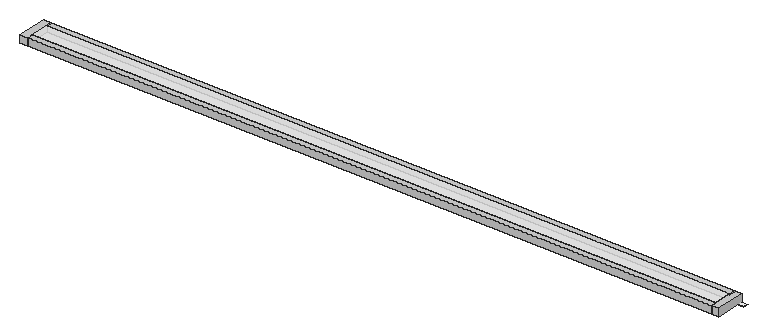
Revit family "Alcon-14054-S-4-Revit-Family", category Lighting Fixtures, host Face, Revit 2025
Family settings
  Host = Face
  Round Connector Dimension = Use Diameter
  Part Type = Normal
  Cut with Voids When Loaded = No
  Light Source = Yes
  Maintain Annotation Orientation = No
  Shared = No
  Room Calculation Point = No
Parameters (values of type "Refer To Type Catalog")
  Wattage Comments = "46"
  Wattage = 0 W
  built-in parameter 1150110 = 1 (stored number, unit not read)
  Voltage [instance] = 120 V
  URL = "https://www.alconlighting.com/14054-s-4.html"
  Tilt Angle = 90.00°
  built-in parameter 1150109 = 1 (stored number, unit not read)
  built-in parameter 1150134 = (empty or 0)
  built-in parameter 1150113 = 1 (stored number, unit not read)
  Specification Sheet URL = "https://www.alconlighting.com/specsheets/alcon/Alcon-14054-Spec-Sheet.pdf"
  Fixture Length = 8' - 0"
  Right End Cap (disable if necessary for continuous run) [instance] = yes
  Powerbox Feed (disable in continuous feed) [instance] = yes
  Plan Symbol = yes
  Photometric Web File = "generic"
  built-in parameter 1150142 = (empty or 0)
  Model = "14054-S-4"
  Left End Cap (disable if necessary for continuous run) = yes
  Emit from Line Length = Fixture Length  # 8' - 0"
  Diffuser Material = SPR - Diffuser
  Number of Lamps = "1"
  Manufacturer = "Alcon Lighting"
  built-in parameter 1150105 = (empty or 0)
  Luminaire Width = 0' - 4 1/4"
  Luminaire Length = Fixture Length  # 8' - 0"
  Luminaire Depth = 0' - 5 5/8"
  Lumens Per Lamp = 0
  Lumens = 0 lm
  built-in parameter 1150115 = 1 (stored number, unit not read)
  built-in parameter 1114217 = 1 (stored number, unit not read)
  built-in parameter 1150137 = (empty or 0)
  built-in parameter 1150139 = (empty or 0)
  Housing Material = SPR - Housing
  built-in parameter 1150112 = 1 (stored number, unit not read)
  built-in parameter 1150114 = 1 (stored number, unit not read)
  Lamp = "LED"
  built-in parameter 1150132 = 2
  built-in parameter 1150102 = (empty or 0)
  built-in parameter 1150107 = 3500 (stored number, unit not read)
  built-in parameter 1150138 = (empty or 0)
  built-in parameter 1150106 = (empty or 0)
  IES File URL = "[IES File URL]"
  Host Thickness = 1' - 0"  # constant formula
  Emergency Fixture [instance] = no
  built-in parameter 1150104 = 13.8 (stored number, unit not read)
  Dimming Lamp Color Temperature Shift = <None>
  Description = "Slim Recessed Linear Perimeter Light"
  Default Elevation = 0' - 0"
  Copyright = "© Copyright 2025  Alcon Lighting"
  Connector Offset = 0' - 6"  # constant formula
  Color Filter = 16777215
  built-in parameter 1114216 [instance] = 1 (stored number, unit not read)
  Catalog Number = ""
  built-in parameter 1140040 [instance] = 1
  Brand = "Alcon Lighting"
  built-in parameter 1114218 = 1 (stored number, unit not read)
  built-in parameter 1150133 = 10 (stored number, unit not read)
  Assembly Code = ""
  Apparent Load = 0 VA
Reference planes (in)
  plane 1: z = 0
  plane 2 "Connector Location": z = -6
  plane 3 "Left/Right": x = 17.62694
  plane 4 "Front/Back": y = 0
  plane 5: y = -2.02376
  plane 6: x = 17.62694
Forms (in)
  Extrusion 1, solid, material "SPR - Housing" <- "Housing Material", visible <- "Left End Cap (disable if necessary for continuous run)"
    sketch origin (-7.08953, 0.62717, -5.97371) x (0, 0, 1) y (0, -1, 0)
      loop
        line (6.97371, -1.37283) -> (6.97371, -0.62283) -> (6.22371, -0.62283) -> (6.22371, 1.87717) -> (6.97371, 1.87717) -> (6.97371, 2.62717) -> (5.97371, 2.62717) -> (5.97371, -1.37283) -> (6.97371, -1.37283)
    from -22.28353 to 71.71453
  Extrusion 2, solid, material "SPR - Diffuser" <- "Diffuser Material"
    sketch origin (-7.08953, 0.62717, -5.97371) x (0, 0, 1) y (0, -1, 0)
      loop
        line (5.17371, -1.68111) -> (5.17371, -2.46861) -> (5.22208, -2.46861) -> (5.22208, -1.68111) -> (5.17371, -1.68111)
    from -23.28353 to 72.71647
  Extrusion 3, solid, material "SPR - Diffuser" <- "Diffuser Material"
    sketch origin (17.62694, 0, 0) x (0, 1, 0) y (0, 0, 1)
      loop
        line (-1.25, 1) -> (-1.25, 0.96875) -> (1.25, 0.96875) -> (1.25, 1) -> (-1.25, 1)
    from -47 to 46.99806
  Extrusion 4, solid, material "SPR - Housing" <- "Housing Material", visible <- "Left End Cap (disable if necessary for continuous run)"
    sketch origin (17.62694, 0, 0) x (0, 1, 0) y (0, 0, -1)
      loop
        line (2, -1) -> (2, 0) -> (-2, 0) -> (-2, -1) -> (2, -1)
    from 47 to 48
  Extrusion 5, solid, material "SPR - Housing" <- "Housing Material", visible <- "Left End Cap (disable if necessary for continuous run)"
    sketch origin (17.625, 0, 0) x (0, 1, 0) y (0, 0, 1)
      loop
        line (2, 1) -> (-2, 1) -> (-2, 0) -> (2, 0) -> (2, 1)
    from 47 to 48.00194
Dimensions and locks (in)
  "Connector Offset": level to plane 2 "Connector Location"
  "Fixture Length": Extrusion 5 to Extrusion 4
  equal spacing: Extrusion 4, plane 6, Extrusion 5
  locked: Extrusion 4 to Extrusion 4 at 1
  locked: Extrusion 5 to Extrusion 5 at 1.00194
  aligned and locked: host face to plane 1
  aligned and locked: Extrusion 1 to Extrusion 5
  aligned and locked: Extrusion 1 to Extrusion 4
  aligned and locked: Extrusion 3 to Extrusion 5
  aligned and locked: Extrusion 3 to Extrusion 4
Automatic sketch dimensions
  host sketch curve to host sketch curve = 20' - 7.58827"
  host sketch curve to host sketch curve = 8' - 0"
  level to Extrusion 3 sketch curve = 0' - 1"
  plane 4 "Front/Back" to Extrusion 3 sketch curve = 0' - 1 1/4"
  Extrusion 3 sketch curve to Extrusion 3 sketch curve = 0' - 2 1/2"
  level to Extrusion 3 sketch curve = 0' - 0 31/32"
  Extrusion 2 sketch curve to level = 0' - 0.8"
  Extrusion 2 sketch curve to Extrusion 2 sketch curve = 0' - 0.04837"
  Extrusion 2 sketch curve to plane 4 "Front/Back" = 0' - 2.30828"
  Extrusion 2 sketch curve to Extrusion 2 sketch curve = 0' - 0.7875"
  Extrusion 1 sketch curve to level = 0' - 0"
  level to Extrusion 1 sketch curve = 0' - 0 1/4"
  Extrusion 1 sketch curve to Extrusion 1 sketch curve = 0' - 0 3/4"  (x3)
  Extrusion 1 sketch curve to plane 4 "Front/Back" = 0' - 2"
  plane 5 to Extrusion 1 sketch curve = 0' - 0.77376"
  plane 5 to Extrusion 1 sketch curve = 0' - 0.02376"
  Extrusion 5 sketch curve to level = 0' - 0"
  plane 5 to Extrusion 5 sketch curve = 0' - 0.02376"
  Extrusion 5 sketch curve to plane 4 "Front/Back" = 0' - 2"
  level to Extrusion 5 sketch curve = 0' - 1"
  Extrusion 4 sketch curve to level = 0' - 0"
  plane 5 to Extrusion 4 sketch curve = 0' - 0.02376"
  Extrusion 4 sketch curve to plane 4 "Front/Back" = 0' - 2"
  level to Extrusion 4 sketch curve = 0' - 1"
Nested families (in)
  nested 1: "Recessed Rectangle (Symbol)" at (17.62694, 0.61413, 0), Length <- "Fixture Length", visible <- "Plan Symbol", type "Recessed Rectangle (Symbol)"
    with Width 0' - 5.27579", Length 8' - 0"
Definition of nested family "Recessed Rectangle (Symbol)"
  Parameters
    Width [instance] = 2' - 0"
    Length [instance] = 4' - 0"
    Assembly Code = ""
  Reference planes (in)
    plane 1 "Center (Front/Back)": y = 0
    plane 2: z = 0
    plane 3 "Center (Left/Right)": x = 0
    plane 4: x = 24
    plane 5: x = -24
    plane 6: y = 12
    plane 7: y = -12
  Lines and regions (in)
    detail lines, in view "Ref. Level"
      curve 1: line (-24, 12, 0) -> (24, 12, 0)
      curve 2: line (24, 12, 0) -> (24, -12, 0)
      curve 3: line (24, -12, 0) -> (-24, -12, 0)
      curve 4: line (-24, 12, 0) -> (-24, -12, 0)
      curve 5: line (-24, 12, 0) -> (24, -12, 0)
      curve 6: line (-10, -12, 0) -> (-10, -13, 0)
      curve 7: line (-10, -13, 0) -> (-9.46967, -12.46967, 0)
      curve 8: line (-10, -13, 0) -> (-10.53033, -12.46967, 0)
      curve 9: line (10, -12, 0) -> (10, -13, 0)
      curve 10: line (10, -13, 0) -> (9.46967, -12.46967, 0)
      curve 11: line (10, -13, 0) -> (10.53033, -12.46967, 0)
  Dimensions and locks (in)
    equal spacing: plane 5, plane 3 "Center (Left/Right)", plane 4
    equal spacing: plane 7, plane 1 "Center (Front/Back)", plane 6
    "Width": plane 7 to plane 6
    "Length": plane 5 to plane 4
  Automatic sketch dimensions
    curve 1 to plane 5 = 0' - 0"
    curve 6 to plane 7 = 0' - 0"
    curve 2 to plane 4 = 0' - 0"
    plane 6 to curve 5 = 0' - 0"
    curve 8 to plane 7 = 0' - 0.46967"
    curve 8 to plane 3 "Center (Left/Right)" = 0' - 10.53033"
    curve 8 to plane 7 = 0' - 1"
    curve 8 to curve 8 = 0' - 0.53033"
    curve 7 to plane 7 = 0' - 0.46967"
    curve 10 to plane 7 = 0' - 0.46967"
    plane 3 "Center (Left/Right)" to curve 10 = 0' - 9.46967"
    curve 11 to plane 7 = 0' - 1"
    curve 10 to curve 11 = 0' - 0.53033"
    curve 11 to plane 7 = 0' - 0.46967"
